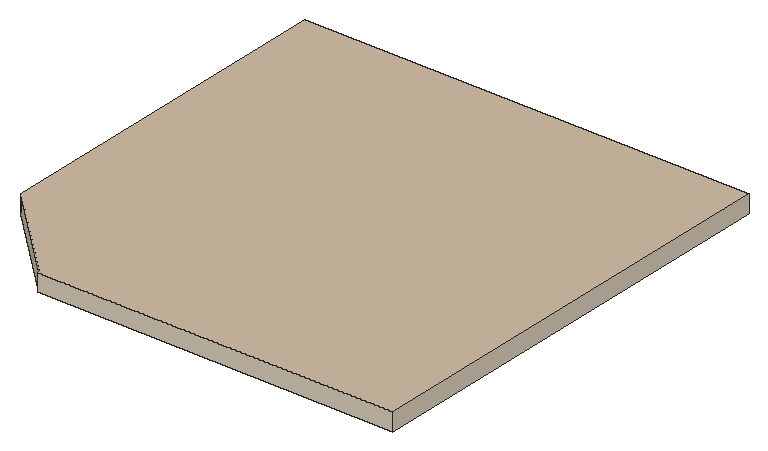
Revit family "M_Sistema de mobiliário-superfície de trabalho-canto angular", category Sistema de mobiliário, Revit 2019
Family settings
  Cota do conector redondo = Utilizar diâmetro
  Tipo de parte = Normal
  Número OmniClass = 23.40.70.14.64.21
  Título OmniClass = Systems Furniture
  Com base no plano de trabalho = Não
  Sempre na vertical = Sim
  Corte com vazios quando carregada = Não
  Compartilhado = Não
  Ponto de cálculo do ambiente = Não
Parameters (values of type "750 x 600mm")
  Material da superfície de trabalho [instance] = Laminado plástico – Carvalho branco
  Comentários de tipos = "Superfície de trabalho angular de canto de 750 x 600 mm"
  Espessura = 30 mm
  Largura = 750 mm
  Model = ""
  Manufacturer = ""
  Altura = 750 mm
  Material da aresta [instance] = Laminado plástico – Bege – Claro – Suave
  Description = ""
  Linear = 600 mm
  Profundidade do ângulo = 149 mm
Reference planes
  plane 1 "Centro F/T": y = 0
  plane 2: z = 0
  plane 3 "Centro E/D": x = 0
  plane 4: y = -600
  plane 5 "Direita": x = 750
  plane 6 "Superior": z = 750
  plane 7 "Inferior": z = 720
  plane 8 "Parte frontal": y = -750
  plane 9: x = 150
  plane 10: x = 1
  plane 11: y = -749
Forms (mm)
  Extrusion 1, solid, material "Laminado plástico – Carvalho branco" <- "Material da superfície de trabalho"
    sketch origin (0, 0, 0) x (1, 0, 0) y (0, 1, 0)
      loop
        line (0, 0) -> (0, -600) -> (1, -600) -> (150, -749) -> (150, -750) -> (750, -750) -> (750, 0) -> (0, 0)
    from 720 to 750
Lines and regions (mm)
  Masking region 1
    outline origin (-87.527, -95.917, 0) x (1, 0, 0) y (0, 1, 0)
      loop
        line (87.527, 95.917) -> (87.527, -504.083) -> (88.527, -504.083) -> (237.527, -653.083) -> (237.527, -654.083) -> (837.527, -654.083) -> (837.527, 95.917) -> (87.527, 95.917)
Dimensions and locks
  "Largura": plane 3 "Centro E/D" to plane 5 "Direita"
  "Linear": plane 4 to plane 1 "Centro F/T"
  "Espessura": plane 6 "Superior" to plane 7 "Inferior"
  "Largura": plane 8 "Parte frontal" to plane 1 "Centro F/T"
  "Linear": plane 9 to plane 5 "Direita"
  "Profundidade do ângulo": plane 10 to plane 9
  "Profundidade do ângulo": plane 4 to plane 11
  "Altura": plane 6 "Superior" to plane 2
  aligned and locked: plane 1 "Centro F/T" to Extrusion 1 sketch curve
  aligned and locked: plane 5 "Direita" to Extrusion 1 sketch curve
  aligned and locked: plane 3 "Centro E/D" to Extrusion 1 sketch curve
  aligned and locked: level to plane 2
  aligned and locked: plane 6 "Superior" to Extrusion 1
  aligned and locked: plane 7 "Inferior" to Extrusion 1
  aligned: plane 1 "Centro F/T" to Masking region 1 sketch curve
  aligned and locked: Extrusion 1 sketch curve to plane 8 "Parte frontal"
  aligned and locked: Extrusion 1 sketch curve to plane 9
  aligned and locked: plane 4 to Extrusion 1 sketch curve
  aligned and locked: plane 1 "Centro F/T" to Masking region 1 sketch curve
  aligned and locked: plane 5 "Direita" to Masking region 1 sketch curve
  aligned and locked: Masking region 1 sketch curve to plane 8 "Parte frontal"
  aligned and locked: plane 3 "Centro E/D" to Masking region 1 sketch curve
  aligned and locked: Extrusion 1 to Masking region 1 sketch curve
  aligned and locked: plane 9 to Masking region 1 sketch curve
  aligned and locked: plane 4 to Masking region 1 sketch curve
Automatic sketch dimensions
  Extrusion 1 sketch curve to plane 10 = 0 mm
  Extrusion 1 sketch curve to plane 11 = 0 mm
Types in the file's own list only (6): name | Comentários de tipos | Largura | Linear | Profundidade do ângulo
  900 x 600mm | "Superfície de trabalho angular de canto de 900 x 600 mm" | 900 mm | 600 mm | 299 mm
  1050 x 600mm | "Superfície de trabalho angular de canto de 1050 x 600 mm" | 1050 mm | 600 mm | 449 mm
  1200 x 600mm | "Superfície de trabalho angular de canto de 1200 x 600 mm" | 1200 mm | 600 mm | 299 mm
  900 x 750mm | "Superfície de trabalho angular de canto de 900 x 750 mm" | 900 mm | 750 mm | 149 mm
  1050 x 750mm | "Superfície de trabalho angular de canto de 1050 x 750 mm" | 1050 mm | 750 mm | 299 mm
  1200 x 750mm | "Superfície de trabalho angular de canto de 1200 x 750 mm" | 1200 mm | 750 mm | 299 mm
